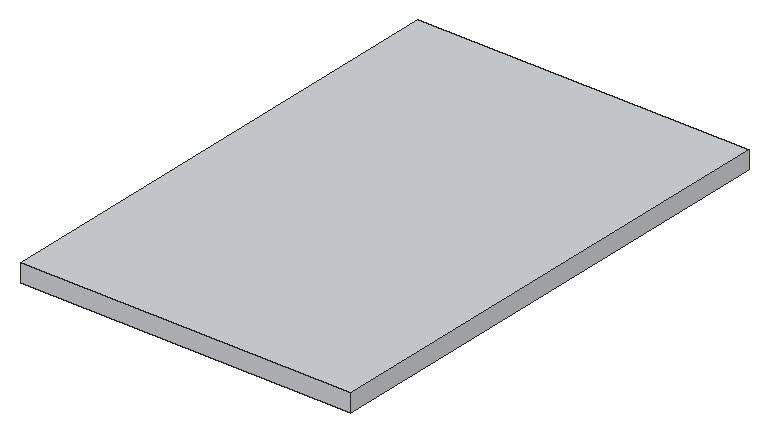
Revit family "RUFO2 460xWSxH0350xx", category Leuchten, Revit 2020
Family settings
  Basisbauteil = Fläche
  Bemaßung runder Anschluss = Durchmesser verwenden
  Teiletyp = Normal
  OmniClass-Nummer = 23.80.70.11
  OmniClass-Titel = Luminaries for Internal Lighting
  Beim Laden mit Abzugskörper schneiden = Nein
  Lichtquelle = Ja
  Gemeinsam genutzt = Nein
  Raumberechnungspunkt = Nein
Parameters (values of type "RUFO2 460NDWS840H0350-RS")
  width = 464 mm  # constant formula
  weight = "1,85 kg"
  voltage type (AC, DC, UC) = "AC"
  rated input power = 27
  product name = "RUFO2 460NDWS840H0350-RS"
  nominal voltage = "230"
  nominal frequency = "50-60Hz"
  length = 464 mm  # constant formula
  ingress protection (IP) code = "IP40"
  height = 120 mm  # constant formula
  electrical safety class = "1"
  control gear = ""
  conformity mark = "CE"  # constant formula
  brand = "RIDI"
  approval mark = ""
  built-in parameter 1150104 = 13.8 (stored number, unit not read)
  Wattage = 23.9663 W
  Von Kreisdurchmesser aussenden = 464 mm
  Default Elevation = 0 mm
  built-in parameter 1150113 = 1 (stored number, unit not read)
  built-in parameter 1114218 = 1 (stored number, unit not read)
  URL = "www.ridi.de"
  built-in parameter 1150134 = 12
  built-in parameter 1150109 = 1 (stored number, unit not read)
  built-in parameter 1150110 = 1 (stored number, unit not read)
  Apparent Load = 27 VA
  Tilt Angle = 90.00°
  Modell = "0420845//396"
  built-in parameter 1114217 = 1 (stored number, unit not read)
  built-in parameter 1150139 = (empty or 0)
  built-in parameter 1150105 = 1007.7 (stored number, unit not read)
  built-in parameter 1150114 = 1 (stored number, unit not read)
  Lumens = 3560 lm
  built-in parameter 1150115 = 1 (stored number, unit not read)
  built-in parameter 1150112 = 1 (stored number, unit not read)
  Lampe = "LED"
  Hersteller = "RIDI Leuchten GmbH"  # constant formula
  Dimming Lamp Color Temperature Shift = (empty or 0)
  Color Filter = 16777215
  built-in parameter 1150133 = 10 (stored number, unit not read)
  Emit Shape Visible in Rendering = no
  built-in parameter 1150137 = (empty or 0)
  built-in parameter 1150132 = 2
  Datei für fotometrisches Netz = "RUFO2_460_H.IES"
  Copyright = "© RIDI. All rights reserved."  # constant formula
  built-in parameter 1150106 = 10.077 (stored number, unit not read)
  Baugruppenkennzeichen = "D5020200"
  built-in parameter 1150107 = 4000 (stored number, unit not read)
  built-in parameter 1150102 = (empty or 0)
  built-in parameter 1150138 = (empty or 0)
Types (19, lengths in mm): name | weight | rated input power | product name | Wattage | built-in parameter 1150134 | Apparent Load | Modell | built-in parameter 1150105 | Lumens | built-in parameter 1150106 | built-in parameter 1150107
  (no name) | "1,85 kg" | 27 | "RUFO2 460NDWS840H0350-RS" | 23.9663 W | 12 | 27 VA | "0420845//396" | 1007.7 (stored number, unit not read) | 3560 lm | 10.077 (stored number, unit not read) | 4000 (stored number, unit not read)
  RUFO2 460NDWS840H0350 | "1,81 kg" | 27 | "RUFO2 460NDWS840H0350" | 23.9663 W | 12 | 27 VA | "0420845" | 1007.7 (stored number, unit not read) | 3560 lm | 10.077 (stored number, unit not read) | 4000 (stored number, unit not read)
  RUFO2 460NDWS840H0350-RS | "1,85 kg" | 27 | "RUFO2 460NDWS840H0350-RS" | 23.9663 W | 12 | 27 VA | "0420845//396" | 1007.7 (stored number, unit not read) | 3560 lm | 10.077 (stored number, unit not read) | 4000 (stored number, unit not read)
  RUFO2 460NDWS830H0350 | "1,81 kg" | 27 | "RUFO2 460NDWS830H0350" | 23.0238 W | (empty or 0) | 27 VA | "0420851" | 968.08 (stored number, unit not read) | 3420 lm | 9.6808 (stored number, unit not read) | 3000 (stored number, unit not read)
  RUFO2 460NDWS830H0350-RS | "1,85 kg" | 27 | "RUFO2 460NDWS830H0350-RS" | 23.0238 W | (empty or 0) | 27 VA | "0420851//396" | 968.08 (stored number, unit not read) | 3420 lm | 9.6808 (stored number, unit not read) | 3000 (stored number, unit not read)
  RUFO2 460NDWS840H0350-IK | "1,81 kg" | 27 | "RUFO2 460NDWS840H0350-IK" | 23.9663 W | 12 | 27 VA | "0420857" | 1007.7 (stored number, unit not read) | 3560 lm | 10.077 (stored number, unit not read) | 4000 (stored number, unit not read)
  RUFO2 460NDWS840H0350-IK-EDS3 | "2 kg" | 27 | "RUFO2 460NDWS840H0350-IK-EDS3" | 23.9663 W | 12 | 27 VA | "0420857//377" | 1007.7 (stored number, unit not read) | 3560 lm | 10.077 (stored number, unit not read) | 4000 (stored number, unit not read)
  RUFO2 460NDWS840H0350-IK-RS | "1,85 kg" | 27 | "RUFO2 460NDWS840H0350-IK-RS" | 23.9663 W | 12 | 27 VA | "0420857//377" | 1007.7 (stored number, unit not read) | 3560 lm | 10.077 (stored number, unit not read) | 4000 (stored number, unit not read)
  RUFO2 460NDWS830H0350-IK | "1,81 kg" | 27 | "RUFO2 460NDWS830H0350-IK" | 23.0238 W | (empty or 0) | 27 VA | "0420863" | 968.08 (stored number, unit not read) | 3420 lm | 9.6808 (stored number, unit not read) | 3000 (stored number, unit not read)
  RUFO2 460NDWS830H0350-IK-EDS3 | "2 kg" | 27 | "RUFO2 460NDWS830H0350-IK-EDS3" | 23.0238 W | (empty or 0) | 27 VA | "0420863//377" | 968.08 (stored number, unit not read) | 3420 lm | 9.6808 (stored number, unit not read) | 3000 (stored number, unit not read)
  RUFO2 460NDWS830H0350-IK-RS | "1,85 kg" | 27 | "RUFO2 460NDWS830H0350-IK-RS" | 23.0238 W | (empty or 0) | 27 VA | "0420863//396" | 968.08 (stored number, unit not read) | 3420 lm | 9.6808 (stored number, unit not read) | 3000 (stored number, unit not read)
  RUFO2 460DAWS840H0350 | "1,85 kg" | 27 | "RUFO2 460DAWS840H0350" | 23.9663 W | 12 | 27 VA | "0430845" | 1007.7 (stored number, unit not read) | 3560 lm | 10.077 (stored number, unit not read) | 4000 (stored number, unit not read)
  RUFO2 460DAWS830H0350 | "1,85 kg" | 27 | "RUFO2 460DAWS830H0350" | 23.0238 W | (empty or 0) | 27 VA | "0430851" | 968.08 (stored number, unit not read) | 3420 lm | 9.6808 (stored number, unit not read) | 3000 (stored number, unit not read)
  RUFO2 460DAWS840H0350-IK | "1,85 kg" | 27 | "RUFO2 460DAWS840H0350-IK" | 23.9663 W | 12 | 27 VA | "0430857" | 1007.7 (stored number, unit not read) | 3560 lm | 10.077 (stored number, unit not read) | 4000 (stored number, unit not read)
  RUFO2 460DAWS830H0350-IK | "1,85 kg" | 27 | "RUFO2 460DAWS830H0350-IK" | 23.0238 W | (empty or 0) | 27 VA | "0430863" | 968.08 (stored number, unit not read) | 3420 lm | 9.6808 (stored number, unit not read) | 3000 (stored number, unit not read)
  RUFO2 460NDWS840H0350-2K | "1,85 kg" | 24 | "RUFO2 460NDWS840H0350-2K" | 23.5624 W | 12 | 24 VA | "0420846" | 278.52 (stored number, unit not read) | 3500 lm | 2.7852 (stored number, unit not read) | 4000 (stored number, unit not read)
  RUFO2 460NDWS830H0350-2K | "1,85 kg" | 24 | "RUFO2 460NDWS830H0350-2K" | 22.6199 W | (empty or 0) | 24 VA | "0420852" | 267.38 (stored number, unit not read) | 3360 lm | 2.6738 (stored number, unit not read) | 3000 (stored number, unit not read)
  RUFO2 460NDWS840H0350-IK-2K | "1,82 kg" | 24 | "RUFO2 460NDWS840H0350-IK-2K" | 23.5624 W | 12 | 24 VA | "0420858" | 278.52 (stored number, unit not read) | 3500 lm | 2.7852 (stored number, unit not read) | 4000 (stored number, unit not read)
  RUFO2 460NDWS830H0350-IK-2K | "1,85 kg" | 24 | "RUFO2 460NDWS830H0350-IK-2K" | 22.6199 W | (empty or 0) | 24 VA | "0420864" | 267.38 (stored number, unit not read) | 3360 lm | 2.6738 (stored number, unit not read) | 3000 (stored number, unit not read)
Reference planes
  plane 1 "Mitte (Vorne/hinten)": y = 0
  plane 2: z = 0
  plane 3 "Mitte (Links/rechts)": x = 0
Forms (mm)
  Extrusion 1, solid
    sketch origin (219.2, 280.8, 0) x (1, 0, 0) y (0, 1, 0)
      loop
        line (-1219.2, 1219.2) -> (-1219.2, -1780.8) -> (780.8, -1780.8) -> (780.8, 1219.2) -> (-1219.2, 1219.2)
    from 0 to -107.307
Dimensions and locks
  locked: imposter light to Extrusion 1 at 120
  aligned and locked: plane 2 to Extrusion 1
  aligned and locked: imposter light to plane 3 "Mitte (Links/rechts)"
  aligned and locked: Extrusion 1 to import instance
Connectors
  electrical at (0, 104, 5), driven by "Apparent Load"
    settings: on import instance, index 1, voltage 230 V, apparent load 0 VA, apparent load phase1 27 VA, apparent load phase2 0 VA, apparent load phase3 0 VA, power factor 1, load classification "Lighting", number of poles 1, system type 31, power factor state 1, is connector primary yes, connector utility no, sub classification motor no, connector description ""
